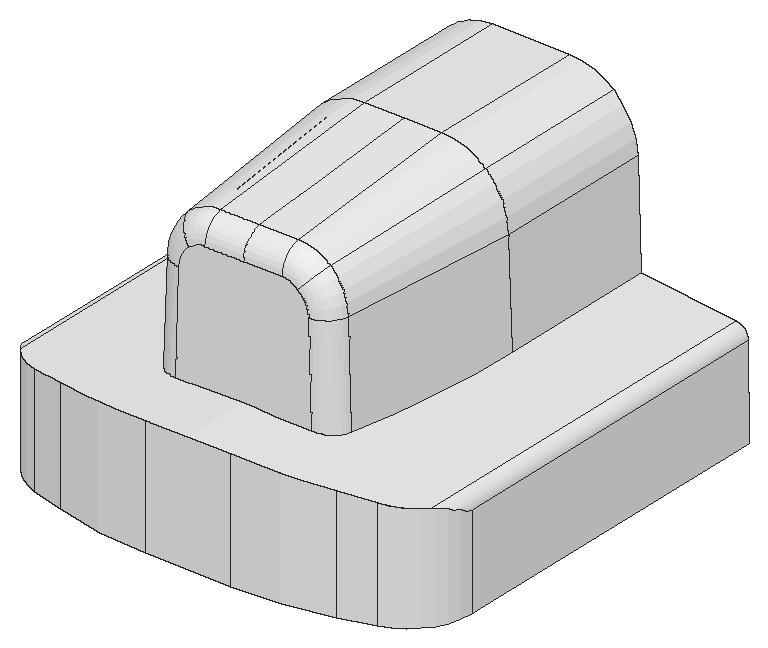
Revit family "Shroud-Lavatory-American_Standard-0062.000EC.020", category Specialty Equipment, host Face, Revit 2015
Parameters (values of type "0062.000EC.020")
  Width = 7 27/32"  # constant formula
  URL = "http://www.americanstandard-us.com"
  Type Comments = ""
  Revised Date = "01/30/2020"  # constant formula
  Product Page URL = ""
  Product Documentation Link = ""
  Price = "Prices may vary. Please consult Manufacturer Representative for most up-to-date price list."  # constant formula
  Model = "0062.000EC.020"
  Manufacturer = "American Standard"
  Length = 10 7/16"  # constant formula
  Installation Type = "Wall Mounted"
  Height = 10 5/32"  # constant formula
  Description = "Shroud/Knee Contact Guard with EverClean"  # constant formula
  Default Elevation = 0"  # constant formula
  Assembly Code = "C1030200"
  ADA Compliant = yes
  0062.000EC Shroud = yes
  0062 Shroud Finish = Acrylic-American Standard-020-White
  0059.020EC Shroud = no
  0059 Shroud Finish = Vitreous China-American Standard-020-White
Reference planes (in)
  plane 1 "Center (Front/Back)": y = 0
  plane 2: z = 0
  plane 3 "Center (Left/Right)": x = 0
  plane 4: y = -16
  plane 5: y = -10.5
  plane 6: y = -8.5
  plane 7: z = 20.5
  plane 8: z = 7.75
  plane 9: z = 2.75
  plane 10: y = -1.6136
  plane 11: z = 6
  plane 12: x = 6.625
  plane 13: x = -6.625
  plane 14: x = 4
  plane 15: x = 2
  plane 16: x = -4
  plane 17: x = -2
  plane 18: x = -10.625
  plane 19: x = 10.625
  plane 20 "Bowl Depth": y = -5
  plane 21: x = -7.78125
  plane 22: x = 7.78125
  plane 23: z = 10.3125
  plane 24: y = -22.25
  plane 25: x = 2
  plane 26: x = -2
  plane 27: z = 5.40351
  plane 28: x = 6.5625
  plane 29: x = -6.5625
  plane 30: z = 7.25
Forms (in)
  Sweep 1, solid, material "Vitreous China-American Standard-020-White" <- "0059 Shroud Finish", visible <- "0059.020EC Shroud"
    path origin (0, 2.98685, 0) x (0, 0, 1) y (1, 0, 0)
      loop
        line (-0.03541, -3.19015) -> (8.45941, -2.89351)
        arc (8.45941, -2.89351) -> (9.10892, -2.73751) -> (9.64577, -2.34004) r 1.67451
        arc (9.64577, -2.34004) -> (9.91627, -1.89836) -> (10.01061, -1.38909) r 1.42173
        line (10.01061, -1.38909) -> (10.01061, 0) -> (10.01061, 1.38909)
        arc (10.01061, 1.38909) -> (9.91627, 1.89836) -> (9.64577, 2.34004) r 1.42173
        arc (9.64577, 2.34004) -> (9.10892, 2.73751) -> (8.45941, 2.89351) r 1.67451
        line (8.45941, 2.89351) -> (-0.03541, 3.19015)
    profile origin (-3.04183, 2.98685, 4.212) x (0.999391, 0, -0.034899) y (0, 1, 0)
      loop
        line (-0.26931, -3.32093) -> (-0.75279, -3.32093) -> (-0.42403, -12.73526)
        arc (-0.42403, -12.73526) -> (-0.02884, -13.62288) -> (0.87203, -13.98685) r 1.29685
        line (0.87203, -13.98685) -> (1.16233, -13.98685) -> (1.16233, -13.51441) -> (0.91404, -13.51441)
        arc (0.91404, -13.51441) -> (0.31887, -13.27394) -> (0.05778, -12.68753) r 0.85678
        line (0.05778, -12.68753) -> (-0.26931, -3.32093)
  Extrusion 2, solid, material "Vitreous China-American Standard-020-White" <- "0059 Shroud Finish", visible <- "0059.020EC Shroud"
    sketch origin (0, 5, 0) x (1, 0, 0) y (0, 0, 1)
      loop
        arc (1.73189, 8.41885) -> (1.68417, 8.61751) -> (1.5626, 8.78172) r 0.51218
        arc (1.5626, 8.78172) -> (1.48201, 8.83107) -> (1.38909, 8.84828) r 0.2594
        line (1.38909, 8.84828) -> (-1.38909, 8.84828)
        arc (-1.38909, 8.84828) -> (-1.48201, 8.83107) -> (-1.5626, 8.78172) r 0.2594
        arc (-1.5626, 8.78172) -> (-1.68417, 8.61751) -> (-1.73189, 8.41885) r 0.51218
        line (-1.73189, 8.41885) -> (-2.02588, 0) -> (2.02588, 0) -> (1.73189, 8.41885)
    from 15.52756 to 16
  Extrusion 3, solid, material "Acrylic-American Standard-020-White" <- "0062 Shroud Finish", visible <- "0062.000EC Shroud"
    sketch origin (0, 5, 0) x (1, 0, 0) y (0, 0, 1)
      loop
        line (7.78125, 0) -> (7.78125, 3.3123)
        arc (7.78125, 3.3123) -> (7.65683, 3.64236) -> (7.34548, 3.80815) r 0.5
        arc (7.34548, 3.80815) -> (0, 4.28193) -> (-7.34548, 3.80815) r 57.17931
        arc (-7.34548, 3.80815) -> (-7.65683, 3.64236) -> (-7.78125, 3.3123) r 0.5
        line (-7.78125, 3.3123) -> (-7.78125, 0) -> (7.78125, 0)
    from 5.33408 to 23.97574
  Sweep 4, solid, material "Acrylic-American Standard-020-White" <- "0062 Shroud Finish", visible <- "0062.000EC Shroud"
    path origin (0, 2.98685, -0.625) x (0, 0, 1) y (1, 0, 0)
      loop
        line (2.61535, -3.09758) -> (8.45941, -2.89351)
        arc (8.45941, -2.89351) -> (9.10892, -2.73751) -> (9.64577, -2.34004) r 1.67451
        arc (9.64577, -2.34004) -> (9.91627, -1.89836) -> (10.01061, -1.38909) r 1.42173
        line (10.01061, -1.38909) -> (10.01061, 0) -> (10.01061, 1.38909)
        arc (10.01061, 1.38909) -> (9.91627, 1.89836) -> (9.64577, 2.34004) r 1.42173
        arc (9.64577, 2.34004) -> (9.10892, 2.73751) -> (8.45941, 2.89351) r 1.67451
        line (8.45941, 2.89351) -> (2.46307, 3.1029)
    profile origin (-2.99555, 2.98685, 4.91238) x (0.999391, 0, -0.034899) y (0, 1, 0)
      loop
        line (0.99027, -16.23685) -> (0.99027, -15.86185) -> (0.57456, -15.86185)
        arc (0.57456, -15.86185) -> (0.24887, -15.74456) -> (0.07275, -15.44656) r 0.51082
        arc (0.07275, -15.44656) -> (-0.37803, -12.2729) -> (-0.52873, -9.07093) r 34.09117
        line (-0.52873, -9.07093) -> (-0.52873, -3.32093) -> (-0.90373, -3.32093) -> (-0.90373, -9.07093)
        arc (-0.90373, -9.07093) -> (-0.75137, -12.30812) -> (-0.29564, -15.51669) r 34.46617
        arc (-0.29564, -15.51669) -> (0.00979, -16.03346) -> (0.57456, -16.23685) r 0.88582
        line (0.57456, -16.23685) -> (0.99027, -16.23685)
  Extrusion 5, solid, material "Acrylic-American Standard-020-White" <- "0062 Shroud Finish", visible <- "0062.000EC Shroud"
    sketch origin (0, 5, 0) x (1, 0, 0) y (0, 0, 1)
      loop
        arc (1.90383, 7.79985) -> (1.84009, 8.06525) -> (1.67768, 8.28462) r 0.68424
        arc (1.67768, 8.28462) -> (1.54364, 8.36671) -> (1.38909, 8.39534) r 0.43146
        line (1.38909, 8.39534) -> (-1.38909, 8.39534)
        arc (-1.38909, 8.39534) -> (-1.54364, 8.36671) -> (-1.67768, 8.28462) r 0.43146
        arc (-1.67768, 8.28462) -> (-1.84009, 8.06525) -> (-1.90383, 7.79985) r 0.68424
        line (-1.90383, 7.79985) -> (-2.12749, 1.39534) -> (2.12749, 1.39534) -> (1.90383, 7.79985)
    from 17.875 to 18.25
  Extrusion 6, void
    sketch origin (0, 6.5, 0) x (1, 0, 0) y (0, 1, 0)
      loop
        line (-8.99824, -18.72875) -> (-8.99824, -27.29493) -> (8.99824, -27.29493) -> (8.99824, -18.72875) -> (7.78125, -18.72875) -> (7.78125, -19.26415)
        arc (7.78125, -19.26415) -> (7.32818, -20.61823) -> (6.15143, -21.42699) r 2.25
        line (6.15143, -21.42699) -> (4.96996, -21.76577)
        arc (4.96996, -21.76577) -> (3.26415, -22.12835) -> (1.52449, -22.25) r 12.5
        line (1.52449, -22.25) -> (-1.52449, -22.25)
        arc (-1.52449, -22.25) -> (-3.26415, -22.12835) -> (-4.96996, -21.76577) r 12.5
        line (-4.96996, -21.76577) -> (-6.15143, -21.42699)
        arc (-6.15143, -21.42699) -> (-7.32818, -20.61823) -> (-7.78125, -19.26415) r 2.25
        line (-7.78125, -19.26415) -> (-7.78125, -18.72875) -> (-8.99824, -18.72875)
    from 0 to 6.19403
Cuts and joins
  Extrusion 6 cuts Extrusion 3
  joined: Extrusion 3, Sweep 4, Extrusion 5
  joined: Sweep 1, Extrusion 2
Dimensions and locks (in)
  plane 4 to plane 1 "Center (Front/Back)" = 16"
  plane 19 to plane 18 = 21 1/4"
  level to plane 7 = 20 1/2"
  plane 20 "Bowl Depth" to plane 1 "Center (Front/Back)" = 5"
  equal spacing: plane 22, plane 3 "Center (Left/Right)", plane 21
  plane 22 to plane 21 = 15 9/16"
  locked: level to plane 23 at 10.3125
  locked: plane 24 to plane 1 "Center (Front/Back)" at 22.25
  equal spacing: plane 26, plane 3 "Center (Left/Right)", plane 25
  plane 26 to plane 25 = 4"
  locked: plane 28 to plane 3 "Center (Left/Right)" at 6.5625
  locked: plane 29 to plane 3 "Center (Left/Right)" at 6.5625
  level to plane 27 = 5.40351"
  plane 30 to plane 8 = 1/2"
  aligned and locked: plane 2 to host face
  aligned and locked: level to host face
Automatic sketch dimensions
  host sketch curve to host sketch curve = 96"  (x2)
  Sweep 1 sketch curve to plane 3 "Center (Left/Right)" = 0"
  plane 8 to Sweep 1 sketch curve = 0.65097"  (x2)
  plane 8 to Sweep 1 sketch curve = 0.70941"  (x2)
  Sweep 1 sketch curve to Sweep 1 sketch curve = 0.18791"  (x2)
  Sweep 1 sketch curve to plane 23 = 0.30189"
  Sweep 1 sketch curve to plane 17 = 0.77998"
  Sweep 1 sketch curve to Sweep 1 sketch curve = 0.16908"
  plane 17 to Sweep 1 sketch curve = 0.89351"
  Sweep 1 sketch curve to plane 15 = 0.77998"
  Sweep 1 sketch curve to Sweep 1 sketch curve = 1.38909"
  plane 15 to Sweep 1 sketch curve = 0.89351"
  Sweep 1 sketch curve to level = 0.03541"  (x2)
  Sweep 1 sketch curve to plane 16 = 0.80985"
  Sweep 1 sketch curve to plane 14 = 0.80985"
  profile plane to Sweep 1 sketch curve = 0.75279"
  profile plane to Sweep 1 sketch curve = 0.42403"
  profile plane to Sweep 1 sketch curve = 0.26931"
  Sweep 1 sketch curve to profile plane = 0.05778"
  Sweep 1 sketch curve to Sweep 1 sketch curve = 0.81425"
  Sweep 1 sketch curve to Sweep 1 sketch curve = 0.04201"
  Sweep 1 sketch curve to Sweep 1 sketch curve = 0.2903"
  Sweep 1 sketch curve to profile plane = 13.98685"
  Sweep 1 sketch curve to Sweep 1 sketch curve = 0.47244"
  Sweep 1 sketch curve to Sweep 1 sketch curve = 0.77915"
  Sweep 1 sketch curve to Sweep 1 sketch curve = 0.04773"
  Sweep 1 sketch curve to profile plane = 3.32093"
  Extrusion 2 sketch curve to level = 0"
  plane 17 to Extrusion 2 sketch curve = 0.02588"
  Extrusion 2 sketch curve to plane 17 = 0.26811"
  Extrusion 2 sketch curve to Extrusion 2 sketch curve = 0.34279"
  Extrusion 2 sketch curve to Extrusion 2 sketch curve = 0.16908"  (x2)
  Extrusion 2 sketch curve to plane 15 = 0.77998"
  Extrusion 2 sketch curve to plane 15 = 0.26811"
  plane 15 to Extrusion 2 sketch curve = 0.02588"
  plane 8 to Extrusion 2 sketch curve = 0.65097"  (x2)
  Extrusion 2 sketch curve to Extrusion 2 sketch curve = 0.01787"  (x2)
  Extrusion 2 sketch curve to Extrusion 2 sketch curve = 0.18791"  (x2)
  Extrusion 2 sketch curve to Extrusion 2 sketch curve = 0.06657"
  Extrusion 3 sketch curve to level = 0"
  plane 21 to Extrusion 3 sketch curve = 0"
  plane 3 "Center (Left/Right)" to Extrusion 3 sketch curve = 0"
  Extrusion 3 sketch curve to plane 22 = 0"
  Extrusion 3 sketch curve to Extrusion 3 sketch curve = 1/2"
  Extrusion 3 sketch curve to plane 22 = 1/2"
  Extrusion 3 sketch curve to level = 52.89738"
  plane 9 to Extrusion 3 sketch curve = 0.5623"  (x2)
  Extrusion 3 sketch curve to Extrusion 3 sketch curve = 0"
  Sweep 4 sketch curve to plane 3 "Center (Left/Right)" = 0"
  plane 8 to Sweep 4 sketch curve = 0.02597"  (x2)
  plane 8 to Sweep 4 sketch curve = 0.08441"  (x2)
  plane 8 to Sweep 4 sketch curve = 0.21388"  (x2)
  Sweep 4 sketch curve to plane 23 = 0.92689"
  Sweep 4 sketch curve to plane 17 = 0.77998"
  Sweep 4 sketch curve to Sweep 4 sketch curve = 0.16908"
  plane 17 to Sweep 4 sketch curve = 0.89351"
  Sweep 4 sketch curve to plane 15 = 0.77998"
  Sweep 4 sketch curve to Sweep 4 sketch curve = 1.38909"
  plane 15 to Sweep 4 sketch curve = 0.89351"
  Sweep 4 sketch curve to plane 9 = 0.75965"
  Sweep 4 sketch curve to plane 9 = 0.91193"
  Sweep 4 sketch curve to plane 16 = 0.90242"
  Sweep 4 sketch curve to plane 14 = 0.8971"
  Sweep 4 sketch curve to Sweep 4 sketch curve = 0"  (x4)
  profile plane to Sweep 4 sketch curve = 0.90373"
  Sweep 4 sketch curve to Sweep 4 sketch curve = 3/8"  (x2)
  Sweep 4 sketch curve to profile plane = 0.57456"
  Sweep 4 sketch curve to Sweep 4 sketch curve = 0.41572"
  Sweep 4 sketch curve to profile plane = 9.07093"
  Sweep 4 sketch curve to Sweep 4 sketch curve = 32.57216"
  Sweep 4 sketch curve to Sweep 4 sketch curve = 6.2801"
  Sweep 4 sketch curve to Sweep 4 sketch curve = 0.51082"
  Sweep 4 sketch curve to profile plane = 3.32093"
  plane 17 to Extrusion 5 sketch curve = 0.12749"
  Extrusion 5 sketch curve to plane 17 = 0.09617"
  Extrusion 5 sketch curve to Extrusion 5 sketch curve = 0.51474"
  plane 8 to Extrusion 5 sketch curve = 0.02597"  (x2)
  Extrusion 5 sketch curve to Extrusion 5 sketch curve = 0.16908"  (x2)
  Extrusion 5 sketch curve to plane 15 = 0.77998"
  plane 8 to Extrusion 5 sketch curve = 0.21388"  (x2)
  Extrusion 5 sketch curve to plane 15 = 0.09617"
  plane 15 to Extrusion 5 sketch curve = 0.12749"
  Extrusion 5 sketch curve to plane 9 = 1.35466"
  plane 8 to Extrusion 5 sketch curve = 0.04985"  (x2)
  Extrusion 5 sketch curve to Extrusion 5 sketch curve = 0.11072"
  Extrusion 6 sketch curve to plane 21 = 0"
  Extrusion 6 sketch curve to plane 22 = 0"
  plane 21 to Extrusion 6 sketch curve = 1.21699"
  Extrusion 6 sketch curve to plane 29 = 0.41107"
  Extrusion 6 sketch curve to plane 29 = 1 1/32"
  plane 16 to Extrusion 6 sketch curve = 0.96996"
  plane 4 to Extrusion 6 sketch curve = 1/4"
  Extrusion 6 sketch curve to plane 17 = 0.47551"
  Extrusion 6 sketch curve to plane 15 = 0.47551"
  plane 4 to Extrusion 6 sketch curve = 0.73423"
  Extrusion 6 sketch curve to Extrusion 6 sketch curve = 3.44547"
  Extrusion 6 sketch curve to plane 28 = 1 1/32"
  Extrusion 6 sketch curve to plane 28 = 0.41107"
  plane 22 to Extrusion 6 sketch curve = 1.21699"
  Extrusion 6 sketch curve to plane 24 = 1.45507"
  Extrusion 6 sketch curve to Extrusion 6 sketch curve = 0.48423"
  plane 4 to Extrusion 6 sketch curve = 1.07301"  (x2)
  Extrusion 6 sketch curve to Extrusion 6 sketch curve = 0.5354"  (x2)
